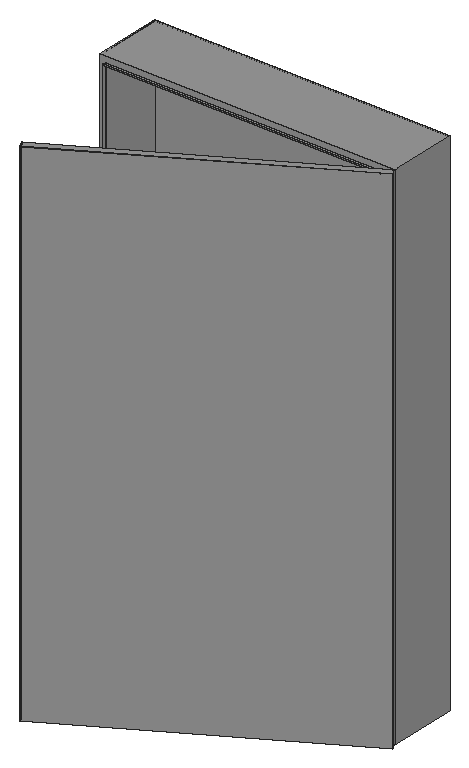
Revit family "Hager-Univers-IP44-D205-H1400-Cl.II-Encl-NoHosted-FR-fr", category Electrical Equipment, Revit 2020
Family settings
  Panel Configuration = Two Columns, Circuits Across
  Round Connector Dimension = Use Diameter
  Part Type = Panelboard
  Work Plane-Based = Yes
  Always vertical = Yes
  Cut with Voids When Loaded = No
  Shared = No
  Room Calculation Point = No
Parameters (values of type "saillie IP44 L800 H1400 P205  - FP93QS")
  Width Control [instance] = if([EF000008 - largeur] > Min Width, [EF000008 - largeur], Min Width)  # 800 mm
  Type Comments = [HG000003 - Gamme]  # "Univers"
  Thickness Door [instance] = if([EF009171 - épaisseur de matériau de la porte/du couvercle] > 3 mm, 3 mm, [EF009171 - épaisseur de matériau de la porte/du couvercle])  # 1 mm
  Seal Frame Offset [instance] = 17 mm  # constant formula
  Plinth Visibility [instance] = [HG000027 - Hauteur du socle] > 0 mm  # no
  Min Width [instance] = 100 mm  # constant formula
  Min Depth [instance] = (2 * [EF009170 - épaisseur de matériau du boîtier]) + 1 mm  # 3 mm
  Min Height [instance] = 100 mm  # constant formula
  Internal Frame Depth [instance] = (Door System Depth * 0.5)  # 9 mm
  Panel Name [instance] = ""  # (empty or 0)
  Model = ""
  HG000027 - Hauteur du socle = 0 mm
  HG000026 - Installation au sol = no
  HG000024 - Hauteur de la section basse = 600 mm
  HG000023 - Armoire double section = no
  HG000016 - Visibilité de la porte 3D [instance] = yes
  HG000015 - Visibilité de l'emprise de la porte [instance] = no
  HG000014 - Porte à droite [instance] = yes
  HG000013 - Porte à gauche [instance] = not([HG000014 - Porte à droite])  # no
  HG000012 - Angle de pivotement de la porte [instance] = 30.00°
  HG000010 - Portes asymétriques = no
  HG000009 - Porte à double battant = no
  HG000006 - Encastré = no
  HG000004 - Référence fabricant = "FP93QS"
  HG000003 - Gamme = "Univers"
  HG000002 - avec porte = yes
  Frame Offset Bottom [instance] = 10 mm  # constant formula
  Frame Offset [instance] = 15 mm  # constant formula
  EF015940 - couvercle avec décharge de pression = no
  EF011959 - degré de protection (NEMA) = ""
  EF009554 - nombre d'ouvertures pour plaques à bride = 6
  EF009212 - finition du couvercle = "EV000116 - fermé"
  EF009171 - épaisseur de matériau de la porte/du couvercle = 1 mm
  EF009170 - épaisseur de matériau du boîtier = 1 mm
  EF008873 - courant nominal (In) = 250 A
  EF007800 - adapté à un parafoudre = no
  EF006306 - avec serrure = no
  EF006244 - couvercle/porte transparent(e) = no
  EF005474 - indice de protection (IP) = "EV006418 - IP44"
  EF004464 - type de porte = "EV002646 - unique"
  EF004427 - nombre de modules = 324
  EF004293 - indice de protection contre les chocs (IK) = "EV006815 - IK09"
  EF003532 - convient pour utilisation à l’extérieur = no
  EF002950 - largeur en nombre de modules = 36
  EF001613 - maintien de fonction = "EV000494 - sans"
  EF001596 - matériau du boîtier/corps = "EV000179 - acier"
  EF001131 - profondeur intérieure = 143 mm
  EF001088 - possibilité de montage en saillie = yes
  EF000437 - nombre d'entrées de conduit = 6
  EF000339 - type de capot = "EV001012 - couvercle"
  EF000266 - nombre de rangées = 9
  EF000218 - profondeur d'encastrement = 0 mm
  EF000118 - avec cadre/support de montage = no
  EF000116 - numéro RAL = "9010"
  EF000049 - profondeur = 205 mm
  EF000040 - hauteur = 1400 mm
  EF000008 - largeur = 800 mm
  EF000007 - couleur = "EV000202 - blanc"
  EF000003 - mode de pose = "EV000384 - saillie"
  Door System Leaf Tolerance [instance] = 1.5 mm  # constant formula
  Door System Depth [instance] = 18 mm  # constant formula
  Door Height [instance] = Height Control - [HG000027 - Hauteur du socle]  # 1400 mm
  Description = ""
  Default Elevation = 1219.2 mm
  Connector Offset [instance] = Height Control / 2  # 700 mm
  Manufacturer = "Hager"  # constant formula
  Height Control [instance] = if([EF000040 - hauteur] > Min Height, [EF000040 - hauteur], Min Height)  # 1400 mm
  Depth Control [instance] = if([EF000049 - profondeur] > Min Depth, [EF000049 - profondeur], Min Depth)  # 205 mm
  Bottom Top Plate Trim [instance] = 1.5 mm  # constant formula
  Plinth height Ctrl [instance] = if([HG000027 - Hauteur du socle] > 0 mm, [HG000027 - Hauteur du socle], 12 mm)  # 12 mm
Types (3, lengths in mm): name | Width Control | HG000009 - Porte à double battant | HG000004 - Référence fabricant | EF009554 - nombre d'ouvertures pour plaques à bride | EF004464 - type de porte | EF004427 - nombre de modules | EF002950 - largeur en nombre de modules | EF000437 - nombre d'entrées de conduit | EF000008 - largeur
  saillie IP44 L1050 H1400 P205  - FP94QS | 1050 | yes | "FP94QS" | 8 | "EV003602 - double" | 432 | 48 | 8 | 1050
  saillie IP44 L550 H1400 P205  - FP92QS | 550 | no | "FP92QS" | 4 | "EV002646 - unique" | 216 | 24 | 4 | 550
  saillie IP44 L800 H1400 P205  - FP93QS | 800 | no | "FP93QS" | 6 | "EV002646 - unique" | 324 | 36 | 6 | 800
Reference planes
  plane 1 "Center (Front/Back)": y = 0
  plane 2: z = 0
  plane 3 "Center (Left/Right)": x = 0
  plane 4: y = 0
  plane 5: y = 0
  plane 6: z = 0
  plane 7: x = -400
  plane 8: x = 400
  plane 9: x = 399
  plane 10: x = -399
  plane 11: z = 0
  plane 12: z = 1
  plane 13: y = -205
  plane 14: y = -1
  plane 15: x = 0
  plane 16: y = -187
  plane 17: y = -204
  plane 18: y = -186
  plane 19: x = -384
  plane 20: x = 384
  plane 21: z = 11
  plane 22: x = -383
  plane 23: x = 383
  plane 24: z = 0
  plane 25: z = 1400
  plane 26: z = 1400
  plane 27: z = 1384
  plane 28: z = 1399
Forms (mm)
  Extrusion 1, solid, material "Hager_Steel_RAL7035_Light_Grey", detail levels medium+fine
    sketch origin (-208.679, -4572, 0) x (-1, 0, 0) y (0, -1, 0)
      loop
        line (191.321, -4385) -> (-608.679, -4385) -> (-608.679, -4572) -> (191.321, -4572) -> (191.321, -4385)
    from 0 to 1400
  Extrusion 2, void
    sketch origin (-350.771, -205, 1219.2) x (1, 0, 0) y (0, 0, 1)
      loop
        line (-48.229, 179.8) -> (-48.229, -1218.2) -> (749.771, -1218.2) -> (749.771, 179.8) -> (-48.229, 179.8)
    from -19 to -204
  Extrusion 3, void
    sketch origin (-290.084, -187, 1219.2) x (1, 0, 0) y (0, 0, 1)
      loop
        line (-93.916, -1208.2) -> (674.084, -1208.2) -> (674.084, 164.8) -> (-93.916, 164.8) -> (-93.916, -1208.2)
    from 0 to -1
  Extrusion 4, solid, material "Hager_Steel_RAL7035_Light_Grey", visible <- "Plinth Visibility", detail levels medium+fine
    sketch origin (0, 0, 0) x (1, 0, 0) y (0, 1, 0)
      loop
        line (-400, 0) -> (-400, -187) -> (400, -187) -> (400, 0) -> (-400, 0)
    from 0 to 12 <- "Plinth height Ctrl"
  Extrusion 5, solid, material "Hager_Steel_RAL7035_Light_Grey", detail levels coarse
    sketch origin (0, 0, 0) x (1, 0, 0) y (0, 1, 0)
      loop
        line (-400, 0) -> (-400, -205) -> (400, -205) -> (400, 0) -> (-400, 0)
    from 0 to 1400 <- "Height Control"
  Sweep 6, void
    path in 3D
      loop
        line (-400, -187, 12) -> (400, -187, 12) -> (400, 0, 12) -> (-400, 0, 12) -> (-400, -187, 12)
    profile origin (-400, -93.5, 12) x (1, 0, 0) y (0, 0, 1)
      loop
        line (0, 0) -> (0, -1.5) -> (1.5, -1.5)
        arc (1.5, -1.5) -> (1.061, -0.439) -> (0, 0) r 1.5
  Extrusion 7, solid, material "Hager_Steel_RAL7035_Light_Grey", detail levels fine
    sketch origin (-400, -187, 0) x (1, 0, 0) y (0, 0, 1)
      loop
        line (16, 11) -> (784, 11) -> (784, 1384) -> (16, 1384) -> (16, 11)
      loop
        line (15, 10) -> (785, 10) -> (785, 1385) -> (15, 1385) -> (15, 10)
    from 0 to 9 <- "Internal Frame Depth"
Cuts and joins
  Extrusion 2, Extrusion 3 cuts Extrusion 1
  Sweep 6 cuts Extrusion 4
Lines and regions (mm)
  Masking region 1
    outline origin (0, 0, 0) x (1, 0, 0) y (0, 1, 0)
      loop
        line (-400, 0) -> (-400, -205) -> (400, -205) -> (400, 0) -> (-400, 0)
  Masking region 2, detail levels coarse
    outline origin (-290.084, -187, 1219.2) x (-1, 0, 0) y (0, 0, 1)
      loop
        line (-690.084, -1219.2) -> (109.916, -1219.2) -> (109.916, 180.8) -> (-690.084, 180.8) -> (-690.084, -1219.2)
  Masking region 3, detail levels coarse
    outline origin (0, 0, 0) x (0, 1, 0) y (0, 0, 1)
      loop
        line (0, 0) -> (0, 1400) -> (-205, 1400) -> (-205, 0) -> (0, 0)
  Masking region 4, visible <- "Plinth Visibility", detail levels medium+fine
    outline origin (0, 0, 0) x (0, 1, 0) y (0, 0, 1)
      loop
        line (-1.5, 12) -> (-185.5, 12)
        arc (-185.5, 12) -> (-185.939, 10.939) -> (-187, 10.5) r 1.5
        line (-187, 10.5) -> (-187, 0) -> (0, 0) -> (0, 10.5)
        arc (0, 10.5) -> (-1.061, 10.939) -> (-1.5, 12) r 1.5
  Masking region 5, detail levels medium+fine
    outline origin (0, 0, 594.038) x (0, 1, 0) y (0, 0, 1)
      loop
        line (0, -594.038) -> (0, 805.962) -> (-187, 805.962) -> (-187, -594.038) -> (0, -594.038)
  Masking region 6, detail levels medium+fine
    outline origin (-359.7, -187, 1211.883) x (-1, 0, 0) y (0, 0, 1)
      loop
        line (-759.7, -1211.883) -> (40.3, -1211.883) -> (40.3, 188.117) -> (-759.7, 188.117) -> (-759.7, -1211.883)
  Masking region 7, visible <- "Plinth Visibility", detail levels medium+fine
    outline origin (-320.334, -187, 1041.368) x (-1, 0, 0) y (0, 0, 1)
      loop
        line (-720.334, -1041.368) -> (79.666, -1041.368) -> (79.666, -1030.868)
        arc (79.666, -1030.868) -> (78.606, -1030.429) -> (78.166, -1029.368) r 1.5
        line (78.166, -1029.368) -> (-718.834, -1029.368)
        arc (-718.834, -1029.368) -> (-719.273, -1030.429) -> (-720.334, -1030.868) r 1.5
        line (-720.334, -1030.868) -> (-720.334, -1041.368)
  sketch lines
    curve 1: line (-400, 0, 12) -> (-400, -187, 12)
    curve 2: line (-400, -187, 12) -> (400, -187, 12)
    curve 3: line (400, 0, 12) -> (-400, 0, 12)
    curve 4: line (400, -187, 12) -> (400, 0, 12)
Dimensions and locks
  locked: plane 1 "Center (Front/Back)" to plane 5
  "EF009170 - épaisseur de matériau du boîtier": plane 7 to plane 10
  "EF009170 - épaisseur de matériau du boîtier": plane 8 to plane 9
  equal spacing: plane 7, plane 3 "Center (Left/Right)", plane 8
  "Width Control": plane 7 to plane 8
  "Depth Control": plane 4 to plane 13
  "EF009170 - épaisseur de matériau du boîtier": plane 4 to plane 14
  "Height Control": plane 25 to level
  "HG000027 - Hauteur du socle": plane 11 to level
  "EF009170 - épaisseur de matériau du boîtier": plane 12 to plane 11
  "EF009170 - épaisseur de matériau du boîtier": plane 17 to plane 13
  "EF009170 - épaisseur de matériau du boîtier": plane 18 to plane 16
  "Frame Offset Bottom": plane 21 to plane 12
  "Frame Offset": plane 10 to plane 19
  "Frame Offset": plane 9 to plane 20
  "Door System Depth": plane 16 to plane 13
  "Seal Frame Offset": plane 7 to plane 22
  "Seal Frame Offset": plane 8 to plane 23
  "EF009170 - épaisseur de matériau du boîtier": plane 26 to plane 28
  "Frame Offset": plane 28 to plane 27
  "Connector Offset": plane 2 to connector elem
  "Bottom Top Plate Trim": profile plane to Sweep 6 sketch curve
  "Bottom Top Plate Trim": Sweep 6 sketch curve to Sweep 6 sketch curve
  "Plinth height Ctrl": Masking region 4 sketch curve to level
  "Plinth height Ctrl": Masking region 7 sketch curve to level
  "Thickness Door": Extrusion 7 sketch curve to Extrusion 7 sketch curve  (x4)
  "Bottom Top Plate Trim": radius of Sweep 6 sketch curve
  "Bottom Top Plate Trim": radius of Masking region 4 sketch curve  (x2)
  "Bottom Top Plate Trim": radius of Masking region 7 sketch curve  (x2)
  aligned and locked: Extrusion 2 sketch curve to plane 12
  aligned and locked: Extrusion 2 sketch curve to plane 9
  aligned and locked: Extrusion 2 sketch curve to plane 10
  aligned and locked: Extrusion 2 to plane 14
  aligned and locked: Extrusion 1 sketch curve to plane 4
  aligned and locked: plane 8 to Extrusion 1 sketch curve
  aligned and locked: plane 7 to Extrusion 1 sketch curve
  aligned and locked: Extrusion 2 to plane 18
  aligned and locked: Extrusion 3 sketch curve to plane 19
  aligned and locked: plane 20 to Extrusion 3 sketch curve
  aligned and locked: Extrusion 3 to Extrusion 2
  aligned and locked: Extrusion 3 sketch curve to plane 21
  aligned and locked: plane 3 "Center (Left/Right)" to nested 1
  aligned and locked: Extrusion 1 sketch curve to plane 16
  aligned and locked: Extrusion 4 sketch curve to cut or joined group of Extrusion 1, Extrusion 2, Extrusion 3
  aligned and locked: Masking region 1 sketch curve to plane 7
  aligned and locked: Masking region 1 sketch curve to plane 5
  aligned and locked: Masking region 1 sketch curve to plane 8
  aligned and locked: Masking region 2 sketch curve to level
  aligned and locked: level to Masking region 3 sketch curve
  aligned and locked: plane 1 "Center (Front/Back)" to Masking region 3 sketch curve
  aligned and locked: plane 13 to Masking region 3 sketch curve
  aligned and locked: plane 5 to Masking region 4 sketch curve
  aligned and locked: Masking region 2 sketch curve to plane 8
  aligned and locked: Masking region 2 sketch curve to plane 7
  aligned and locked: plane 7 to nested 2
  aligned and locked: nested 2 to plane 5
  aligned and locked: plane 5 to Masking region 5 sketch curve
  aligned and locked: plane 26 to Masking region 5 sketch curve
  aligned and locked: Extrusion 5 sketch curve to plane 8
  aligned and locked: Extrusion 5 sketch curve to plane 7
  aligned and locked: Extrusion 5 sketch curve to plane 5
  aligned and locked: Extrusion 3 sketch curve to plane 27
  aligned and locked: Extrusion 2 sketch curve to plane 28
  aligned and locked: Masking region 2 to plane 25
  aligned and locked: Extrusion 4 to plane 16
  aligned and locked: profile plane to Sweep 6 sketch curve
  aligned and locked: Masking region 5 sketch curve to plane 24
  aligned and locked: level to Masking region 4 sketch curve
  aligned and locked: Masking region 1 to plane 13
  aligned and locked: nested 1 to plane 16
  aligned and locked: Masking region 3 to plane 25
  aligned and locked: plane 16 to Masking region 4 sketch curve
  aligned and locked: Masking region 5 sketch curve to plane 16
  aligned and locked: plane 24 to plane 11
  aligned and locked: plane 26 to plane 25
  aligned and locked: plane 26 to cut or joined group of Extrusion 1, Extrusion 2, Extrusion 3
  aligned and locked: nested 1 to plane 24
  aligned and locked: Extrusion 1 to Extrusion 3
  aligned and locked: Masking region 6 sketch curve to plane 8
  aligned and locked: Masking region 6 sketch curve to plane 24
  aligned and locked: Masking region 6 sketch curve to plane 7
  aligned and locked: Masking region 6 sketch curve to plane 26
  aligned and locked: Masking region 7 sketch curve to plane 7
  aligned and locked: level to Masking region 7 sketch curve
  aligned and locked: Masking region 7 sketch curve to plane 8
  aligned and locked: Extrusion 7 sketch curve to cut or joined group of Extrusion 1, Extrusion 2, Extrusion 3  (x4)
Automatic sketch dimensions
  plane 19 to Extrusion 3 sketch curve = 0 mm
  Extrusion 3 sketch curve to plane 20 = 0 mm
  Extrusion 3 sketch curve to plane 21 = 0 mm
  Extrusion 4 sketch curve to plane 7 = 0 mm
  Extrusion 4 sketch curve to plane 8 = 0 mm
  Extrusion 4 sketch curve to plane 16 = 0 mm
  Masking region 1 sketch curve to plane 13 = 0 mm
  Masking region 2 sketch curve to plane 25 = 0 mm
  Masking region 3 sketch curve to plane 25 = 0 mm
  Extrusion 5 sketch curve to plane 13 = 0 mm
  profile plane to Sweep 6 sketch curve = 0 mm
Nested families
  nested 1: "EC000058_Univers_Door" at (0, -187, 0), Double <- "HG000009 - Porte à double battant", Transparent <- "EF006244 - couvercle/porte transparent(e)", Angle <- "HG000012 - Angle de pivotement de la porte", Door_Right <- "HG000014 - Porte à droite", Assymetrical <- "HG000010 - Portes asymétriques", Door <- "HG000002 - avec porte", Width_Ctrl <- "Width Control", 3d_Door <- "HG000016 - Visibilité de la porte 3D", Clearance <- "HG000015 - Visibilité de l'emprise de la porte", Door_Left <- "HG000013 - Porte à gauche", Width <- "Width Control", Door_Depth <- "Door System Depth", Leaf_Tolerance <- "Door System Leaf Tolerance", Height <- "Door Height", Lock_Visibility <- "EF006306 - avec serrure", Thickness <- "Thickness Door", type "EC000058_Univers_Door", detail levels medium+fine
    with min_wh 3 mm, Width_Ctrl 800 mm, Width 800 mm, Transparent no, Thickness 1 mm, Seal_Material Hager_Rubber, Lock_Visibility no, Lock_Material Hager_Plastic_RAL9005_Jet_Black, Leaf_Width 800 mm, Leaf_Tolerance_External_Sides 0 mm, Leaf_Tolerance 1.5 mm, Leaf_Offset 0 mm, Leaf_Height 1397 mm, Leaf_2_Width 800 mm, Leaf_2_Offset 400 mm, Leaf_1_Width 800 mm, Leaf_1_Offset 400 mm, Height_Ctrl 1400 mm, Height 1400 mm, Glass_Material Hager_Glass, Double_Clearance_Ctrl no, Double no, Door_Right_Ctrl yes, Door_Right yes, Door_Material Hager_Steel_RAL7035_Light_Grey, Door_Left_Ctrl no, Door_Left no, Door_Depth 18 mm, Door yes, Clearance_Material Hager_Clearance, Clearance_Depth 800 mm, Clearance_Ctrl no, Clearance no, Assymetrical no, Angle 30.00°, 3d_Door yes
  nested 2: "Hager_Enclosure_Symbol" at (-400, 0, 0), Height <- "Depth Control", Width <- "Width Control", type "Hager_Enclosure_Symbol"
    with Width_Ctrl 800 mm, Width 800 mm, Height_Ctrl 205 mm, Height 205 mm, A_Width_Int 13.453 mm, A_Width 161.438 mm, A_Height_Ctrl 179.375 mm, A_Height 179.375 mm
Connectors
  electrical at (0, 0, 700)
    settings: on plane 1 "Center (Front/Back)", index 1, voltage 0 V, apparent load 0 VA, apparent load phase1 0 VA, apparent load phase2 0 VA, apparent load phase3 0 VA, power factor 1, load classification "Other", number of poles 1, system type 30, power factor state 1, is connector primary yes, connector utility no, sub classification motor no, connector description ""
Definition of nested family "EC000058_Univers_Door"
  Parameters (values of type "EC000058_Univers_Door")
    min_wh [instance] = (2 * Thickness) + 1 mm  # 11 mm
    Width_Ctrl [instance] = 400 mm
    Width [instance] = 500 mm
    Transparent [instance] = yes
    Thickness [instance] = 5 mm
    Seal_Material [instance] = none
    Lock_Visibility [instance] = yes
    Lock_Material [instance] = none
    Leaf_Width [instance] = if((Width_Ctrl - 2 * Leaf_Tolerance_External_Sides) > 0 mm, (Width_Ctrl - 2 * Leaf_Tolerance_External_Sides), min_wh)  # 400 mm
    Leaf_Tolerance_External_Sides [instance] = 0 mm  # constant formula
    Leaf_Tolerance [instance] = 1.5 mm
    Leaf_Offset [instance] = 0 mm  # constant formula
    Leaf_Height [instance] = if((Height_Ctrl - 2 * Leaf_Tolerance) > 0 mm, (Height_Ctrl - 2 * Leaf_Tolerance), min_wh)  # 497 mm
    Leaf_2_Width [instance] = if(and(and(Double, Assymetrical), Door_Left), (Leaf_Width / 3) - (Leaf_Tolerance / 2), if(and(and(Double, Assymetrical), Door_Right), (Leaf_Width / 3) * 2 - (Leaf_Tolerance / 2), if(and(Double, not(Assymetrical)), (Leaf_Width / 2) - Leaf_Tolerance, Leaf_Width)))  # 400 mm
    Leaf_2_Offset [instance] = if(and(Double, Assymetrical), Leaf_2_Width / 2, if(and(Double, not(Assymetrical)), Leaf_Width / 4, Leaf_Width / 2))  # 200 mm
    Leaf_1_Width [instance] = if(and(and(Double, Assymetrical), Door_Right), (Leaf_Width / 3) - (Leaf_Tolerance / 2), if(and(and(Double, Assymetrical), Door_Left), (Width / 3) * 2 - (Leaf_Tolerance / 2), if(and(Double, not(Assymetrical)), (Leaf_Width / 2) - Leaf_Tolerance, Leaf_Width)))  # 400 mm
    Leaf_1_Offset [instance] = if(and(Double, Assymetrical), Leaf_1_Width / 2, if(and(Double, not(Assymetrical)), Leaf_Width / 4, Leaf_Width / 2))  # 200 mm
    Height_Ctrl [instance] = if(Height > min_wh, Height, min_wh)  # 500 mm
    Height [instance] = 500 mm
    Glass_Material [instance] = none
    Double_Clearance_Ctrl [instance] = and(Double, Clearance)  # no
    Double [instance] = no
    Door_Right_Ctrl [instance] = and(or(Door_Right, Double), Door)  # yes
    Door_Right [instance] = yes
    Door_Material [instance] = none
    Door_Left_Ctrl [instance] = and(or(Door_Left, Double), Door)  # no
    Door_Left [instance] = no
    Door_Depth [instance] = 30 mm
    Door [instance] = yes
    Default Elevation = 1219.2 mm
    Clearance_Material [instance] = none
    Clearance_Depth [instance] = if(Leaf_1_Width > Leaf_2_Width, Leaf_1_Width, Leaf_2_Width)  # 400 mm
    Clearance_Ctrl [instance] = and(not(Double), Clearance)  # yes
    Clearance [instance] = yes
    Assymetrical [instance] = yes
    Angle [instance] = 30.00°
    3d_Door [instance] = yes
  Reference planes
    plane 1 "Center (Front/Back)": y = 0
    plane 2 "Bottom": z = 0
    plane 3 "Center (Left/Right)": x = 0
    plane 4: z = 500
    plane 5: x = -200
    plane 6: x = 200
    plane 7: z = 500
    plane 8: x = -200
    plane 9: z = 0
    plane 10: x = 200
    plane 11: y = 0
    plane 12: z = 1.5
    plane 13: x = -600
    plane 14: y = -400
    plane 15: x = 600
    plane 16: x = 0
    plane 17: x = 0
    plane 18: x = -200
    plane 19: x = 200
    plane 20: z = 498.5
  Forms (mm)
    Extrusion 1, solid, material <- "Clearance_Material", visible <- "Double_Clearance_Ctrl"
      sketch origin (1200, 0, 0) x (1, 0, 0) y (0, 0, -1)
        loop
          line (-1800, -498.5) -> (-600, -498.5) -> (-600, 0) -> (-1800, 0) -> (-1800, -498.5)
      from 0 to -400
  Dimensions and locks
    equal spacing: plane 5, plane 3 "Center (Left/Right)", plane 6
    "Width_Ctrl": plane 5 to plane 6
    "Leaf_Offset": plane 5 to plane 8
    "Leaf_Offset": plane 6 to plane 10
    "Leaf_Offset": plane 9 to level
    "Leaf_Offset": plane 4 to plane 7
    "Height_Ctrl": plane 4 to level
    "Leaf_Tolerance": plane 12 to plane 9
    locked: plane 11 to plane 1 "Center (Front/Back)"
    "Leaf_1_Offset": plane 18 to plane 16
    "Leaf_2_Offset": plane 17 to plane 19
    "Leaf_1_Width": plane 13 to plane 8
    "Leaf_2_Width": plane 10 to plane 15
    "Clearance_Depth": plane 14 to plane 1 "Center (Front/Back)"
    "Leaf_Tolerance_External_Sides": plane 8 to plane 18
    "Leaf_Tolerance_External_Sides": plane 19 to plane 10
    "Leaf_Tolerance": plane 7 to plane 20
    aligned and locked: level to plane 2 "Bottom"
    aligned and locked: nested 1 to plane 16
    aligned and locked: nested 2 to plane 17
    aligned and locked: Extrusion 1 to plane 13
    aligned and locked: plane 15 to Extrusion 1
    aligned and locked: Extrusion 1 to plane 14
    aligned and locked: plane 12 to nested 1
    aligned and locked: nested 2 to plane 12
    aligned and locked: Extrusion 1 to plane 11
    aligned and locked: plane 20 to Extrusion 1
    aligned and locked: nested 2 to plane 11
    aligned and locked: nested 1 to plane 11
  Automatic sketch dimensions
    Extrusion 1 sketch curve to level = 0 mm
    plane 5 to Extrusion 1 sketch curve = 400 mm
    plane 6 to Extrusion 1 sketch curve = 400 mm
    Extrusion 1 sketch curve to plane 4 = 1.5 mm
  Nested families
    nested 1: "EC000058_Univers_Door_Leaf" at (0, 0, 1.5), Width <- "Leaf_1_Width", visible <- "Door_Left_Ctrl", Leaf_Height <- "Leaf_Height", Angle <- "Angle", 3d_Door <- "3d_Door", Transparent <- "Transparent", Clearance Material <- "Clearance_Material", Clearance <- "Clearance_Ctrl", Door_Material <- "Door_Material", Glass_Material <- "Glass_Material", Door_Depth <- "Door_Depth", Lock_Material <- "Lock_Material", Seal_Material <- "Seal_Material", Lock_Visibility <- "Lock_Visibility", Thickness <- "Thickness", type "EC000058_Univers_Door_Leaf"
      with Width 400 mm, Transparent_Glass_Offset 30 mm, Transparent_Ctrl yes, Transparent yes, Thickness 5 mm, Standard no, Seal_Material none, Seal_D2 8 mm, Seal_D1 1 mm, Offset_Internal_Frame 10 mm, Lock_Width 20 mm, Lock_Visibility_3d yes, Lock_Visibility yes, Lock_Thickness_3 3 mm, Lock_Thickness_2 1 mm, Lock_Thickness_1 3 mm, Lock_Radius_Offset_2 16 mm, Lock_Radius_Offset_1 15 mm, Lock_Radius_2 5 mm, Lock_Radius 6 mm, Lock_Offset 5 mm, Lock_Material none, Lock_Height 80 mm, Lock_Cover_Top_Offset_2d 17 mm, Lock_Cover_Height -65 mm, Leaf_Height 497 mm, Internal_Seal_Thickness 8 mm, Internal_Seal_Depth_2 4.5 mm, Internal_Frame_Depth 25 mm, Glass_Thickness -1 mm, Glass_Offset -2 mm, Glass_Material none, Door_Material none, Door_Depth 30 mm, Clearance Material none, Clearance yes, Angle_Ctrl 30.00°, Angle 30.00°, 3d_Door yes
    nested 2: "EC000058_Univers_Door_Leaf" at (0, 0, 1.5) x (-1, 0, 0) z (0, 0, 1), Width <- "Leaf_2_Width", visible <- "Door_Right_Ctrl", Leaf_Height <- "Leaf_Height", Angle <- "Angle", 3d_Door <- "3d_Door", Transparent <- "Transparent", Clearance Material <- "Clearance_Material", Clearance <- "Clearance_Ctrl", Door_Material <- "Door_Material", Glass_Material <- "Glass_Material", Door_Depth <- "Door_Depth", Lock_Material <- "Lock_Material", Seal_Material <- "Seal_Material", Lock_Visibility <- "Lock_Visibility", Thickness <- "Thickness", type "EC000058_Univers_Door_Leaf"
      with Width 400 mm, Transparent_Glass_Offset 30 mm, Transparent_Ctrl yes, Transparent yes, Thickness 5 mm, Standard no, Seal_Material none, Seal_D2 8 mm, Seal_D1 1 mm, Offset_Internal_Frame 10 mm, Lock_Width 20 mm, Lock_Visibility_3d yes, Lock_Visibility yes, Lock_Thickness_3 3 mm, Lock_Thickness_2 1 mm, Lock_Thickness_1 3 mm, Lock_Radius_Offset_2 16 mm, Lock_Radius_Offset_1 15 mm, Lock_Radius_2 5 mm, Lock_Radius 6 mm, Lock_Offset 5 mm, Lock_Material none, Lock_Height 80 mm, Lock_Cover_Top_Offset_2d 17 mm, Lock_Cover_Height -65 mm, Leaf_Height 497 mm, Internal_Seal_Thickness 8 mm, Internal_Seal_Depth_2 4.5 mm, Internal_Frame_Depth 25 mm, Glass_Thickness -1 mm, Glass_Offset -2 mm, Glass_Material none, Door_Material none, Door_Depth 30 mm, Clearance Material none, Clearance yes, Angle_Ctrl 30.00°, Angle 30.00°, 3d_Door yes
  Definition of nested family "EC000058_Univers_Door_Leaf"
    Parameters (values of type "EC000058_Univers_Door_Leaf")
      Width [instance] = 2000 mm
      Transparent_Glass_Offset [instance] = 30 mm
      Transparent_Ctrl [instance] = and(Transparent, [3d_Door])  # yes
      Transparent [instance] = yes
      Thickness [instance] = 5 mm
      Standard [instance] = and(not(Transparent), [3d_Door])  # no
      Seal_Material [instance] = none
      Seal_D2 [instance] = 8 mm  # constant formula
      Seal_D1 [instance] = 1 mm  # constant formula
      Offset_Internal_Frame [instance] = 10 mm  # constant formula
      Lock_Width [instance] = 20 mm  # constant formula
      Lock_Visibility_3d [instance] = and(Lock_Visibility, [3d_Door])  # yes
      Lock_Visibility [instance] = yes
      Lock_Thickness_3 [instance] = 3 mm  # constant formula
      Lock_Thickness_2 [instance] = 1 mm  # constant formula
      Lock_Thickness_1 [instance] = 3 mm  # constant formula
      Lock_Radius_Offset_2 [instance] = Lock_Radius_Offset_1 + 1 mm  # 16 mm
      Lock_Radius_Offset_1 [instance] = 15 mm  # constant formula
      Lock_Radius_2 [instance] = Lock_Radius - 1 mm  # 5 mm
      Lock_Radius [instance] = 6 mm  # constant formula
      Lock_Offset [instance] = 5 mm  # constant formula
      Lock_Material [instance] = none
      Lock_Height [instance] = 80 mm  # constant formula
      Lock_Cover_Top_Offset_2d [instance] = Lock_Radius_Offset_2 + 1 mm  # 17 mm
      Lock_Cover_Height [instance] = -(Lock_Height - Lock_Radius_Offset_1)  # -65 mm
      Leaf_Height [instance] = 2720.336 mm
      Internal_Seal_Thickness [instance] = 8 mm  # constant formula
      Internal_Seal_Depth_2 [instance] = 4.5 mm  # constant formula
      Internal_Frame_Depth [instance] = if(Door_Depth - Thickness > 5 mm, Door_Depth - Thickness, 5 mm)  # 25 mm
      Glass_Thickness [instance] = if(Thickness > 15 mm, Glass_Offset + 10 mm, -1 mm)  # -1 mm
      Glass_Offset [instance] = if(Thickness > 15 mm, -(Thickness + 10 mm) / 2, -2 mm)  # -2 mm
      Glass_Material [instance] = none
      Door_Material [instance] = none
      Door_Depth [instance] = 30 mm
      Default Elevation = 0 mm
      Clearance Material [instance] = none
      Clearance [instance] = yes
      Angle_Ctrl [instance] = if(Angle > 180.00°, 180.00°, Angle)  # 90.00°
      Angle [instance] = 90.00°
      3d_Door [instance] = yes
    Reference planes
      plane 1 "Center (Front/Back)": y = 0
      plane 2: z = 0
      plane 3 "Center (Left/Right)": x = 0
      plane 4: y = 2000
      plane 5: x = -1000
      plane 6: x = 1000
      plane 7: x = -3000
      plane 8: z = 2720.336
      plane 9: z = 30
      plane 10: z = 2690.336
      plane 11: x = 970
      plane 12: x = -970
      plane 13: y = -3
      plane 14: z = 107.833
      plane 15: y = -5
      plane 16: y = -223.314
      plane 17: x = -1000
      plane 18: z = 1360.168
      plane 19: y = 30
    Forms (mm)
      Extrusion 1, solid, material <- "Clearance Material", visible <- "Clearance"
        sketch origin (0, 0, 0) x (1, 0, 0) y (0, 0, 1)
          loop
            line (-3000, 2720.336) -> (-3000, 0) -> (1000, 0) -> (1000, 2720.336) -> (-3000, 2720.336)
        from 0 to -2000
      Extrusion 2, solid, material <- "Door_Material", visible <- "Standard", detail levels medium+fine
        sketch origin (-1000, 0, 0) x (0, 1, 0) y (-1, 0, 0)
          loop
            line (0, 30) -> (0, 25) -> (2000, 25) -> (2000, 30) -> (0, 30)
        from 0 to 2720.336 <- "Leaf_Height"
      Extrusion 3, solid, material <- "Door_Material", visible <- "Transparent_Ctrl", detail levels medium+fine
        sketch origin (-1000, 0, 0) x (0, 1, 0) y (-1, 0, 0)
          loop
            line (0, 25) -> (2000, 25) -> (2000, 30) -> (0, 30) -> (0, 25)
        from 0 to 2720.336 <- "Leaf_Height"
      Extrusion 4, void
        sketch origin (-1025, 2000, 0) x (0, 1, 0) y (0, 0, -1)
          loop
            line (-30, -2690.336) -> (-30, -30) -> (-1970, -30) -> (-1970, -2690.336) -> (-30, -2690.336)
        from 0 to 5 <- "Thickness"
      Sweep 5, solid, material <- "Seal_Material", visible <- "Transparent_Ctrl", detail levels fine
        path in 3D
          loop
            line (-1025, 30, 30) -> (-1025, 30, 2690.336) -> (-1025, 1970, 2690.336) -> (-1025, 1970, 30) -> (-1025, 30, 30)
        profile origin (-1025, 1000, 30) x (1, 0, 0) y (0, 0, 1)
          loop
            line (0, 0) -> (0, -8) -> (1, -8) -> (1, 0) -> (0, 0)
      Extrusion 6, solid, material <- "Glass_Material", visible <- "Transparent_Ctrl", detail levels medium+fine
        sketch origin (-1030, 0, 0) x (0, 1, 0) y (0, 0, -1)
          loop
            line (1970, -2690.336) -> (1970, -30) -> (30, -30) -> (30, -2690.336) -> (1970, -2690.336)
        from -2 <- "Glass_Offset" to -1 <- "Glass_Thickness"
      Extrusion 7, solid, material <- "Door_Material", visible <- "3d_Door", detail levels medium+fine
        sketch origin (-1025, 2000, 0) x (0, -1, 0) y (0, 0, -1)
          loop
            line (0, -2720.336) -> (2000, -2720.336) -> (2000, 0) -> (0, 0) -> (0, -2720.336)
          loop
            line (1995, -5) -> (5, -5) -> (5, -2715.336) -> (1995, -2715.336) -> (1995, -5)
        from 0 to 25 <- "Internal_Frame_Depth"
      Sweep 8, solid, material <- "Seal_Material", visible <- "Transparent_Ctrl", detail levels fine
        path in 3D
          loop
            line (-1025, 0, 0) -> (-1025, 2000, 0) -> (-1025, 2000, 2720.336) -> (-1025, 0, 2720.336) -> (-1025, 0, 0)
        profile origin (-1025, 0, 1360.168) x (1, 0, 0) y (0, 1, 0)
          loop
            line (0, 10) -> (2.975, 10)
            arc (2.975, 10) -> (4.053, 10.447) -> (4.5, 11.525) r 1.525
            line (4.5, 11.525) -> (4.5, 16.527)
            arc (4.5, 16.527) -> (4.069, 17.569) -> (3.027, 18) r 1.473
            line (3.027, 18) -> (0, 18) -> (0, 10)
      Extrusion 9, solid, material <- "Lock_Material", visible <- "Lock_Visibility_3d", detail levels fine
        sketch origin (-1030, 0, 0) x (0, 1, 0) y (0, 0, -1)
          loop
            arc (1993.5, -1400.168) -> (1994.561, -1399.729) -> (1995, -1398.668) r 1.5
            line (1995, -1398.668) -> (1995, -1320.168) -> (1975, -1320.168) -> (1975, -1398.668)
            arc (1975, -1398.668) -> (1975.439, -1399.729) -> (1976.5, -1400.168) r 1.5
            line (1976.5, -1400.168) -> (1993.5, -1400.168)
        from 3 <- "Lock_Thickness_1" to 0
      Blend 10, solid, material <- "Lock_Material", visible <- "Lock_Visibility_3d", detail levels fine
        base sketch origin (-1033, 0, 0) x (0, 1, 0) y (0, 0, -1)
          loop
            line (1975, -1320.168) -> (1975, -1398.668)
            arc (1975, -1398.668) -> (1975.439, -1399.729) -> (1976.5, -1400.168) r 1.5
            line (1976.5, -1400.168) -> (1993.5, -1400.168)
            arc (1993.5, -1400.168) -> (1994.561, -1399.729) -> (1995, -1398.668) r 1.5
            line (1995, -1398.668) -> (1995, -1320.168) -> (1975, -1320.168)
        top sketch origin (-1033, 0, 0) x (0, 1, 0) y (0, 0, -1)
          loop
            line (1976, -1320.168) -> (1976, -1398.668)
            arc (1976, -1398.668) -> (1976.146, -1399.022) -> (1976.5, -1399.168) r 0.5
            line (1976.5, -1399.168) -> (1993.5, -1399.168)
            arc (1993.5, -1399.168) -> (1993.854, -1399.022) -> (1994, -1398.668) r 0.5
            line (1994, -1398.668) -> (1994, -1320.168) -> (1976, -1320.168)
        from 0 to 1 <- "Lock_Thickness_2"
      Blend 11, solid, material <- "Lock_Material", visible <- "Lock_Visibility_3d", detail levels fine
        base sketch origin (-1034, 0, 0) x (0, 1, 0) y (0, 0, -1)
          loop
            line (1978, -1320.168) -> (1978, -1384.168)
            arc (1978, -1384.168) -> (1985, -1391.168) -> (1992, -1384.168) r 7
            line (1992, -1384.168) -> (1992, -1320.168) -> (1978, -1320.168)
        top sketch origin (-1034, 0, 0) x (0, 1, 0) y (0, 0, -1)
          loop
            line (1991, -1320.168) -> (1979, -1320.168) -> (1979, -1383.168)
            arc (1979, -1383.168) -> (1985, -1389.168) -> (1991, -1383.168) r 6
            line (1991, -1383.168) -> (1991, -1320.168)
        from 0 to 3 <- "Lock_Thickness_3"
      Extrusion 12, solid, material <- "Lock_Material", visible <- "Lock_Visibility_3d", detail levels fine
        sketch origin (-1030, 1975, 1320.168) x (1, 0, 0) y (0, -1, 0)
          loop
            line (-7, -19) -> (-7, -1) -> (0, -1) -> (0, 0) -> (-8, 0) -> (-8, -20) -> (0, -20) -> (0, -19) -> (-7, -19)
        from 0 to -65 <- "Lock_Cover_Height"
      Extrusion 13, void
        sketch origin (-1038, 1995, 1320.168) x (-1, 0, 0) y (0, 0, -1)
          loop
            line (-5, -65) -> (0, -65) -> (-5, -60) -> (-5, -65)
        from 0 to 20 <- "Lock_Width"
      Extrusion 14, void
        sketch origin (-1038, 1975, 1320.168) x (0, -1, 0) y (0, 0, -1)
          loop
            circle (-10, -15.995) r 6
          loop
            circle (-10, -15.995) r 5
        from 0 to 2
      Extrusion 15, solid, material <- "Lock_Material", visible <- "Lock_Visibility_3d", detail levels medium
        sketch origin (-1030, 0, 0) x (0, 1, 0) y (0, 0, -1)
          loop
            arc (1993.5, -1400.168) -> (1994.561, -1399.729) -> (1995, -1398.668) r 1.5
            line (1995, -1398.668) -> (1995, -1320.168) -> (1975, -1320.168) -> (1975, -1398.668)
            arc (1975, -1398.668) -> (1975.439, -1399.729) -> (1976.5, -1400.168) r 1.5
            line (1976.5, -1400.168) -> (1993.5, -1400.168)
        from 8 to 0
    Cuts and joins
      Extrusion 4 cuts Extrusion 3
      Extrusion 13, Extrusion 14 cuts Extrusion 9
      Extrusion 14 cuts Blend 11
      Extrusion 13, Extrusion 14 cuts Extrusion 12
      joined: Extrusion 9, Blend 10, Blend 11, Extrusion 12
      Extrusion 14 cuts Extrusion 15
    Lines and regions (mm)
      Masking region 1, visible <- "Lock_Visibility", detail levels fine
        outline origin (0, 0, 0) x (0, 1, 0) y (0, 0, 1)
          loop
            line (30, 1320.168) -> (33, 1320.168) -> (33, 1400.168) -> (30, 1400.168) -> (30, 1320.168)
      Masking region 2, visible <- "Lock_Visibility", detail levels fine
        outline origin (0, 3.143, 0) x (0, 1, 0) y (0, 0, 1)
          loop
            line (29.857, 1354.168) -> (30.857, 1354.168) -> (30.857, 1366.168) -> (29.857, 1366.168) -> (29.857, 1354.168)
      Masking region 3, detail levels medium+fine
        outline origin (0, 0, 0) x (0, 1, 0) y (0, 0, 1)
          loop
            line (0, 0) -> (30, 0) -> (30, 2720.336) -> (0, 2720.336) -> (0, 0)
      Masking region 4, detail levels medium+fine
        outline origin (0, 0, 0) x (1, 0, 0) y (0, 0, 1)
          loop
            line (-1000, 2720.336) -> (-1000, 0) -> (1000, 0) -> (1000, 2720.336) -> (-1000, 2720.336)
      Masking region 5, visible <- "Lock_Visibility", detail levels fine
        outline origin (-47.116, 0, 0) x (1, 0, 0) y (0, 0, 1)
          loop
            arc (1024.616, 1399.168) -> (1023.556, 1398.729) -> (1023.116, 1397.668) r 1.5
            line (1023.116, 1397.668) -> (1023.116, 1320.168) -> (1041.116, 1320.168) -> (1041.116, 1397.668)
            arc (1041.116, 1397.668) -> (1040.677, 1398.729) -> (1039.616, 1399.168) r 1.5
            line (1039.616, 1399.168) -> (1024.616, 1399.168)
      Masking region 6, visible <- "Lock_Visibility", detail levels medium+fine
        outline origin (-25, 0, 0) x (1, 0, 0) y (0, 0, 1)
          loop
            arc (1001.5, 1400.168) -> (1000.439, 1399.729) -> (1000, 1398.668) r 1.5
            line (1000, 1398.668) -> (1000, 1320.168) -> (1020, 1320.168) -> (1020, 1398.668)
            arc (1020, 1398.668) -> (1019.561, 1399.729) -> (1018.5, 1400.168) r 1.5
            line (1018.5, 1400.168) -> (1001.5, 1400.168)
      Masking region 7, visible <- "Lock_Visibility", detail levels fine
        outline origin (-73.735, 0, 0) x (1, 0, 0) y (0, 0, 1)
          loop
            line (1051.735, 1382.168) -> (1065.735, 1382.168) -> (1065.735, 1384.168)
            arc (1065.735, 1384.168) -> (1058.735, 1391.168) -> (1051.735, 1384.168) r 7
            line (1051.735, 1384.168) -> (1051.735, 1382.168)
      Masking region 8, visible <- "Lock_Visibility", detail levels fine
        outline origin (-73.735, 0, 0) x (1, 0, 0) y (0, 0, 1)
          loop
            line (1052.735, 1382.168) -> (1064.735, 1382.168) -> (1064.735, 1383.168)
            arc (1064.735, 1383.168) -> (1058.735, 1389.168) -> (1052.735, 1383.168) r 6
            line (1052.735, 1383.168) -> (1052.735, 1382.168)
      Masking region 9, visible <- "Lock_Visibility", detail levels fine
        outline origin (-25, 0, 0) x (1, 0, 0) y (0, 0, 1)
          loop
            line (1020, 1320.168) -> (1020, 1382.168) -> (1000, 1382.168) -> (1000, 1320.168) -> (1020, 1320.168)
      Masking region 10, detail levels medium+fine
        outline origin (0, 0, 0) x (1, 0, 0) y (0, 0, 1)
          loop
            circle (985, 1335.144) r 6
      Masking region 11, detail levels fine
        outline origin (0, 0, 0) x (1, 0, 0) y (0, 0, 1)
          loop
            circle (985, 1335.144) r 5
      Masking region 12, visible <- "Lock_Visibility", detail levels fine
        outline origin (0, 12.767, 0) x (0, 1, 0) y (0, 0, 1)
          loop
            line (20.233, 1320.168) -> (21.233, 1320.168) -> (21.233, 1399.168) -> (20.233, 1400.168) -> (20.233, 1320.168)
      Masking region 13, visible <- "Lock_Visibility", detail levels fine
        outline origin (0, 13.767, -10) x (0, 1, 0) y (0, 0, 1)
          loop
            line (20.233, 1330.168) -> (23.233, 1330.168) -> (23.233, 1399.168) -> (20.233, 1402.168) -> (20.233, 1330.168)
      Masking region 14, visible <- "Lock_Visibility", detail levels fine
        outline origin (0, 12.767, -10) x (0, 1, 0) y (0, 0, 1)
          loop
            line (20.233, 1330.168) -> (25.233, 1330.168) -> (25.233, 1399.305) -> (20.233, 1394.305) -> (20.233, 1330.168)
      Masking region 15, visible <- "Lock_Visibility", detail levels medium
        outline origin (0, 0, 0) x (0, 1, 0) y (0, 0, 1)
          loop
            line (30, 1320.168) -> (38, 1320.168) -> (38, 1400.168) -> (30, 1400.168) -> (30, 1320.168)
      Masking region 16, visible <- "Lock_Visibility", detail levels fine
        outline origin (-1000, 0, 0) x (0, 1, 0) y (-1, 0, 0)
          loop
            line (1975, 30) -> (1995, 30) -> (1995, 38) -> (1975, 38) -> (1975, 30)
          loop
            line (1979, 37) -> (1976, 37) -> (1976, 34) -> (1978, 34) -> (1979, 37)
          loop
            line (1994, 37) -> (1991, 37) -> (1992, 34) -> (1994, 34) -> (1994, 37)
      Masking region 17, visible <- "Lock_Visibility", detail levels medium
        outline origin (-1000, 0, 0) x (0, 1, 0) y (-1, 0, 0)
          loop
            line (1975, 30) -> (1995, 30) -> (1995, 38) -> (1975, 38) -> (1975, 30)
      symbolic lines
        curve 1: line (1000, 0, 0) -> (-3000, 0, 0)
        curve 2: arc (1000, 0, 0) -> (-1000, 2000, 0) -> (-3000, 0, 0) r 2000
        curve 4: line (-1030, 0, 0) -> (-1030, 2000, 0)
      reference lines
        curve 3: line (-1000, 0, 0) -> (-1000, 2000, 0)
      symbolic lines, detail levels medium+fine
        curve 5: line (-1030, 2000, 0) -> (-1025, 2000, 0)
        curve 7: line (-1025, 0, 0) -> (-1030, 0, 0)
        curve 8: line (-1025, 0, 0) -> (-1000, 0, 0)
        curve 9: line (-1000, 0, 0) -> (-1000, 2000, 0)
        curve 10: line (-1000, 2000, 0) -> (-1025, 2000, 0)
      symbolic lines, detail levels fine
        curve 6: line (-1025, 2000, 0) -> (-1025, 0, 0)
      sketch lines
        curve 11: line (-1025, 0, 2720.336) -> (-1025, 0, 0)
        curve 12: line (-1025, 2000, 0) -> (-1025, 0, 0)
        curve 13: line (-1025, 2000, 2720.336) -> (-1025, 2000, 0)
        curve 14: line (-1025, 0, 2720.336) -> (-1025, 2000, 2720.336)
        curve 15: line (-1025, 1970, 30) -> (-1025, 30, 30)
        curve 16: line (-1025, 30, 30) -> (-1025, 30, 2690.336)
        curve 17: line (-1025, 1970, 2690.336) -> (-1025, 1970, 30)
        curve 18: line (-1025, 30, 2690.336) -> (-1025, 1970, 2690.336)
      symbolic lines, visible <- "Transparent", detail levels medium+fine
        curve 19: line (-970, 0, 2690.336) -> (970, 0, 2690.336)
        curve 20: line (-970, 0, 30) -> (-970, 0, 2690.336)
        curve 21: line (970, 0, 30) -> (-970, 0, 30)
        curve 22: line (970, 0, 2690.336) -> (970, 0, 30)
    Dimensions and locks
      "Width": plane 1 "Center (Front/Back)" to plane 4
      equal spacing: plane 5, plane 3 "Center (Left/Right)", plane 6
      "Width": plane 5 to plane 6
      "Width": plane 7 to plane 5
      "Leaf_Height": plane 8 to level
      "Width": curve 5 to curve 3
      "Width": curve 3 to curve 3
      plane 8 to plane 10 = 30 mm
      plane 9 to level = 30 mm
      plane 12 to plane 5 = 30 mm
      plane 6 to plane 11 = 30 mm
      Extrusion 1 to Extrusion 4 sketch curve = 30 mm
      "Transparent_Glass_Offset": curve 3 to Extrusion 4 sketch curve
      "Transparent_Glass_Offset": Extrusion 4 sketch curve to cut or joined group of Extrusion 3, Extrusion 4  (x2)
      cut or joined group of Extrusion 3, Extrusion 4 to Extrusion 6 sketch curve = 30 mm
      "Transparent_Glass_Offset": cut or joined group of Extrusion 3, Extrusion 4 to Extrusion 4 sketch curve
      "Thickness": curve 6 to curve 4
      "Thickness": Extrusion 7 sketch curve to Extrusion 7 sketch curve  (x4)
      "Door_Depth": curve 4 to curve 3
      "Offset_Internal_Frame": profile plane to Sweep 8 sketch curve
      "Internal_Seal_Thickness": Sweep 8 sketch curve to Sweep 8 sketch curve
      "Internal_Seal_Depth_2": profile plane to Sweep 8 sketch curve
      "Seal_D1": profile plane to Sweep 5 sketch curve
      "Seal_D2": profile plane to Sweep 5 sketch curve
      "Thickness": Extrusion 2 sketch curve to Extrusion 2 sketch curve
      equal spacing: Extrusion 9 sketch curve, plane 18, Extrusion 9 sketch curve  (x2)
      equal spacing: Masking region 1 sketch curve, plane 18, Masking region 1 sketch curve
      "Lock_Height": Masking region 1 sketch curve to Masking region 1 sketch curve
      "Lock_Radius": Masking region 2 sketch curve to plane 18 to Masking region 2 sketch curve
      Masking region 2 sketch curve to Masking region 1 = 1 mm
      "Door_Depth": plane 19 to plane 1 "Center (Front/Back)"
      "Lock_Thickness_1": Masking region 1 sketch curve to plane 19
      "Lock_Width": Extrusion 9 sketch curve to Extrusion 9 sketch curve
      "Lock_Height": Extrusion 9 sketch curve to Extrusion 9 sketch curve
      "Lock_Offset": cut or joined group of Extrusion 3, Extrusion 4 to Extrusion 9 sketch curve
      equal spacing: plane 8, plane 18, level
      "Lock_Radius_Offset_1": Blend 11 sketch curve to Blend 10
      locked: Blend 10 to Blend 11 sketch curve at 2  (x2)
      locked: var sketch to Blend 11 sketch curve at 1  (x2)
      "Lock_Radius_Offset_2": Blend 11 sketch curve to Blend 10
      locked: Extrusion 12 sketch curve to Extrusion 12 sketch curve at 1  (x3)
      Masking region 6 sketch curve to Masking region 6 sketch curve = 80 mm
      "Lock_Height": Masking region 6 sketch curve to Masking region 6 sketch curve
      "Lock_Width": Masking region 6 sketch curve to Masking region 6 sketch curve
      locked: Masking region 6 to Masking region 5 sketch curve at 1  (x3)
      locked: Masking region 5 to Masking region 7 sketch curve at 2  (x2)
      "Lock_Radius_Offset_1": Masking region 5 to Masking region 7 sketch curve
      "Lock_Radius_Offset_2": Masking region 5 to Masking region 8 sketch curve
      locked: Masking region 7 to Masking region 8 sketch curve at 1  (x2)
      "Lock_Cover_Top_Offset_2d": Masking region 5 to Masking region 9 sketch curve
      equal spacing: Masking region 9, Masking region 10 sketch curve, Masking region 9
      equal spacing: Masking region 9, Masking region 11 sketch curve, Masking region 9
      Extrusion 15 sketch curve to Extrusion 15 sketch curve = 80 mm
      "Lock_Width": Extrusion 15 sketch curve to Extrusion 15 sketch curve
      "Lock_Height": Extrusion 15 sketch curve to Extrusion 15 sketch curve
      equal spacing: Extrusion 15 sketch curve, plane 18, Extrusion 15 sketch curve
      "Lock_Thickness_3": Masking region 13 sketch curve to Masking region 13 sketch curve
      "Lock_Height": Masking region 12 sketch curve to Masking region 12 sketch curve
      locked: Masking region 13 sketch curve to Masking region 1 at 8
      locked: Masking region 14 sketch curve to Masking region 13 at 1
      locked: Masking region 14 sketch curve to Masking region 1 at 10.863
      "Lock_Height": Masking region 15 sketch curve to Masking region 15 sketch curve
      "Lock_Offset": Extrusion 15 sketch curve to cut or joined group of Extrusion 3, Extrusion 4
      "Lock_Offset": plane 6 to Masking region 6 sketch curve
      radius of Sweep 8 sketch curve = 1.525 mm
      radius of Sweep 8 sketch curve = 1.473 mm
      radius of Extrusion 9 sketch curve = 1.5 mm  (x2)
      "Lock_Radius": radius of Extrusion 14 sketch curve
      "Lock_Radius_2": radius of Extrusion 14 sketch curve
      "Lock_Radius": radius of Masking region 10 sketch curve
      "Lock_Radius_2": radius of Masking region 11 sketch curve
      radius of Extrusion 15 sketch curve = 1.5 mm  (x2)
      "Angle_Ctrl": angle plane 1 "Center (Front/Back)" to curve 3
      locked: Masking region 12 sketch curve to Masking region 12 sketch curve (angle 45.00°)
      locked: Masking region 13 sketch curve to Masking region 13 sketch curve (angle 45.00°)
      locked: Masking region 14 sketch curve to Masking region 14 sketch curve (angle 45.00°)
      aligned and locked: level to plane 2
      aligned and locked: Extrusion 1 to curve 1
      aligned and locked: plane 6 to Extrusion 1
      aligned and locked: Extrusion 1 to plane 1 "Center (Front/Back)"
      aligned and locked: plane 4 to Extrusion 1
      aligned and locked: plane 8 to Extrusion 1
      aligned and locked: curve 7 to Extrusion 2 sketch curve
      aligned and locked: curve 5 to Extrusion 2 sketch curve
      aligned and locked: curve 7 to Extrusion 3 sketch curve
      aligned and locked: Extrusion 3 sketch curve to curve 4
      aligned and locked: Extrusion 3 sketch curve to curve 6
      aligned and locked: Extrusion 3 sketch curve to curve 5
      aligned and locked: curve 9 to curve 3
      aligned and locked: Extrusion 7 sketch curve to cut or joined group of Extrusion 3, Extrusion 4  (x4)
      aligned and locked: plane 17 to curve 3
      aligned and locked: plane 1 "Center (Front/Back)" to curve 3
      aligned and locked: plane 17 to plane 5
      aligned and locked: Sweep 8 sketch curve to profile plane
      aligned and locked: Sweep 5 sketch curve to profile plane  (x2)
      aligned and locked: Masking region 1 to Masking region 2 sketch curve
      aligned and locked: plane 19 to Masking region 1 sketch curve
      aligned and locked: plane 1 "Center (Front/Back)" to Masking region 3 sketch curve
      aligned and locked: plane 19 to Masking region 3 sketch curve
      aligned and locked: level to Masking region 3 sketch curve
      aligned and locked: Masking region 3 sketch curve to plane 8
      aligned and locked: plane 17 to Masking region 4 sketch curve
      aligned and locked: level to Masking region 4 sketch curve
      aligned and locked: Masking region 4 sketch curve to plane 8
      aligned and locked: plane 12 to curve 20
      aligned and locked: plane 10 to curve 19
      aligned and locked: plane 11 to curve 22
      aligned and locked: curve 21 to plane 9
      aligned and locked: Extrusion 2 sketch curve to cut or joined group of Extrusion 3, Extrusion 4
      aligned and locked: Blend 10 sketch curve to Extrusion 9  (x4)
      aligned and locked: Extrusion 9 to Blend 10 sketch curve
      aligned and locked: Blend 10 to Blend 11 sketch curve
      aligned and locked: Extrusion 12 sketch curve to Blend 11
      aligned and locked: Extrusion 12 sketch curve to Extrusion 9  (x4)
      aligned and locked: Masking region 5 sketch curve to Masking region 6
      aligned and locked: Masking region 9 sketch curve to Masking region 6  (x3)
      aligned and locked: Masking region 12 sketch curve to Masking region 1
      aligned and locked: Masking region 13 sketch curve to Masking region 1
      aligned and locked: Masking region 12 to Masking region 14
      aligned and locked: Masking region 14 sketch curve to Masking region 1
      aligned and locked: Masking region 15 sketch curve to Masking region 14
      aligned and locked: Masking region 13 sketch curve to Masking region 12
      aligned and locked: Masking region 16 sketch curve to cut or joined group of Extrusion 14, Extrusion 15  (x4)
      aligned and locked: Masking region 16 sketch curve to cut or joined group of Extrusion 9, Blend 10, Blend 11, Extrusion 12, Extrusion 13, Extrusion 14  (x6)
      aligned and locked: cut or joined group of Extrusion 9, Blend 10, Blend 11, Extrusion 12, Extrusion 13, Extrusion 14 to Masking region 16 sketch curve
      aligned and locked: Masking region 17 sketch curve to cut or joined group of Extrusion 14, Extrusion 15  (x3)
      aligned and locked: Masking region 17 sketch curve to cut or joined group of Extrusion 9, Blend 10, Blend 11, Extrusion 12, Extrusion 13, Extrusion 14
      aligned and locked: Masking region 9 to Masking region 8 sketch curve
      aligned and locked: Masking region 9 to Masking region 7 sketch curve
    Automatic sketch dimensions
      plane 1 "Center (Front/Back)" to curve 2 = 0 mm
      curve 2 to plane 5 = 0 mm
      Extrusion 1 sketch curve to level = 0 mm
      Extrusion 1 sketch curve to plane 7 = 0 mm
      Extrusion 1 sketch curve to plane 6 = 0 mm
      Extrusion 1 sketch curve to plane 8 = 0 mm
      Extrusion 3 to Extrusion 6 sketch curve = 30 mm  (x4)
      Masking region 4 sketch curve to plane 6 = 0 mm
      Blend 10 sketch curve to Extrusion 9 = 1.5 mm
      Blend 10 sketch curve to Extrusion 9 = 1 mm
      Extrusion 13 sketch curve to Extrusion 12 = 0 mm  (x2)
      Extrusion 12 to Extrusion 13 sketch curve = 3 mm
      Extrusion 13 sketch curve to Extrusion 12 = 5 mm
      Extrusion 14 sketch curve to Extrusion 14 sketch curve = 0 mm  (x2)
      Extrusion 14 sketch curve to Extrusion 12 = 10 mm
      Extrusion 14 sketch curve to Extrusion 12 = 15.995 mm
      Masking region 5 sketch curve to Masking region 5 sketch curve = 1.5 mm  (x2)
      Masking region 10 sketch curve to plane 18 = 25.024 mm
      Masking region 11 sketch curve to plane 18 = 25.024 mm
      plane 19 to Masking region 14 sketch curve = 3 mm
      Masking region 16 sketch curve to Masking region 16 sketch curve = 3 mm
      curve 4 to curve 3 = 0 mm
      Blend 10 to Blend 11 sketch curve = 0 mm
      Masking region 6 sketch curve to Masking region 6 sketch curve = 1.5 mm  (x2)
      Masking region 6 sketch curve to plane 18 = 40 mm
      plane 19 to Masking region 12 sketch curve = 3 mm
      Masking region 12 sketch curve to Masking region 12 sketch curve = 1 mm
      Masking region 15 sketch curve to plane 19 = 0 mm
      Masking region 15 sketch curve to plane 18 = 40 mm
      radius of Blend 10 sketch curve to Extrusion 9 = 1 mm
Definition of nested family "Hager_Enclosure_Symbol"
  Parameters (values of type "Hager_Enclosure_Symbol")
    Width_Ctrl [instance] = if(Width > 1 mm, Width, 1 mm)  # 102.27 mm
    Width [instance] = 102.27 mm
    Height_Ctrl [instance] = if(Height > 1 mm, Height, 1 mm)  # 66.5 mm
    A_Width_Int [instance] = if(A_Width / 12 > 2 mm, A_Width / 12, 2 mm)  # 4.364 mm
    A_Width [instance] = if(A_Height_Ctrl * 0.9 > 2 mm, A_Height_Ctrl * 0.9, 2 mm)  # 52.369 mm
    A_Height_Ctrl [instance] = if(A_Height > 2 mm, A_Height, 2 mm)  # 58.188 mm
    Height [instance] = 66.5 mm
    A_Height [instance] = Height - (Height / 8)  # 58.188 mm
  Reference planes
    plane 1 "Centre (avant/arrière)": y = 0
    plane 2: z = 0
    plane 3 "Centre (gauche/droite)": x = 0
    plane 4: x = 52.369
    plane 5: y = 33.042
    plane 6: y = 41.77
    plane 7: y = 66.5
    plane 8: x = 26.184
    plane 9: y = 37.406
    plane 10: x = 102.27
    plane 11: y = 66.5
    plane 12: y = 8.313
  Lines and regions (mm)
    Filled region 1, type "Solid_Black", in view "Niveau de réf."
      outline origin (0, 0, 0) x (1, 0, 0) y (0, 1, 0)
        loop
          line (52.369, 66.5) -> (33.188, 54.536) -> (45.365, 45.006) -> (52.369, 66.5)
    Filled region 2, type "Solid_Black", in view "Niveau de réf."
      outline origin (0, 0, 0) x (1, 0, 0) y (0, 1, 0)
        loop
          line (0, 0) -> (102.27, 0) -> (102.27, 66.5) -> (0, 0)
    detail lines, in view "Niveau de réf."
      curve 1: line (0, 8.313, 0) -> (26.184, 41.77, 0)
      curve 2: line (26.184, 41.77, 0) -> (26.184, 33.042, 0)
      curve 3: line (26.184, 33.042, 0) -> (52.369, 66.5, 0)
  Dimensions and locks
    "A_Width": plane 3 "Centre (gauche/droite)" to plane 4
    equal spacing: plane 3 "Centre (gauche/droite)", plane 8, plane 4
    equal spacing: plane 6, plane 9, plane 5
    equal spacing: curve 3, Filled region 1 sketch curve, Filled region 1 sketch curve
    "Height_Ctrl": plane 1 "Centre (avant/arrière)" to plane 11
    "A_Height_Ctrl": plane 11 to plane 12
    equal spacing: plane 11, plane 9, plane 12
    "A_Width_Int": plane 6 to plane 9
    "Width_Ctrl": plane 3 "Centre (gauche/droite)" to plane 10
    angle Filled region 1 sketch curve to curve 3 = 20.00°
    angle curve 3 to Filled region 1 sketch curve = 20.00°
    locked: curve 3 to Filled region 1 sketch curve (angle 90.00°)
    aligned and locked: plane 10 to Filled region 2
    aligned and locked: plane 11 to Filled region 2 sketch curve
    aligned and locked: plane 10 to Filled region 2 sketch curve
    aligned and locked: plane 3 "Centre (gauche/droite)" to curve 1
    aligned and locked: plane 12 to curve 1
    aligned and locked: plane 7 to plane 11
  Automatic sketch dimensions
    Filled region 1 sketch curve to plane 4 = 0 mm
    Filled region 1 sketch curve to plane 7 = 0 mm
    plane 1 "Centre (avant/arrière)" to Filled region 2 sketch curve = 0 mm
    Filled region 2 sketch curve to plane 3 "Centre (gauche/droite)" = 0 mm
    curve 2 to plane 6 = 0 mm
    curve 2 to plane 8 = 0 mm
    curve 3 to plane 4 = 0 mm
    curve 2 to plane 5 = 0 mm
    curve 3 to plane 7 = 0 mm
